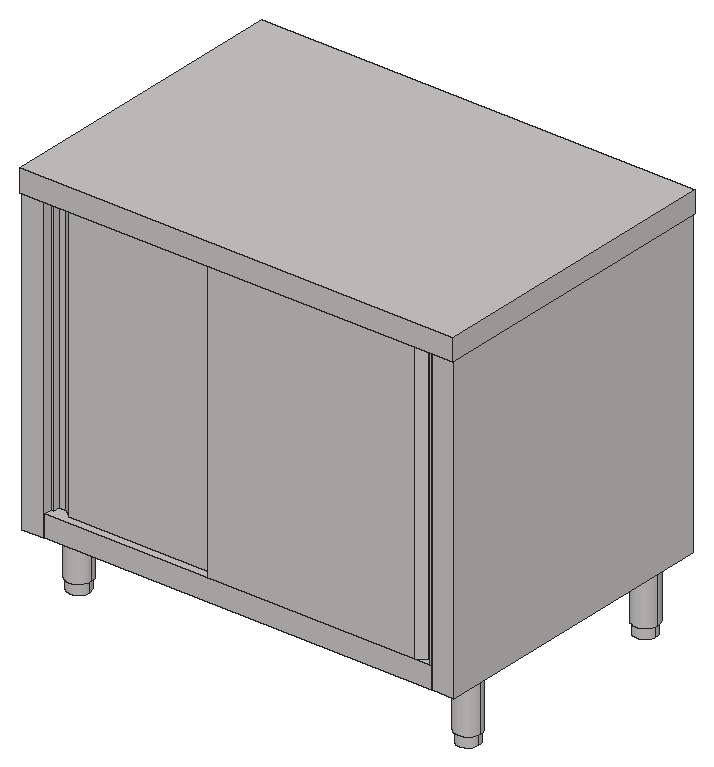
Revit family "QF_ELECTROLUXPROFESSIONAL_132856_MS1007N", category Attrezzature speciali, Revit 2020
Family settings
  Quota connettore circolare = Usa diametro
  Tipo di parte = Normale
  Basato su piano di lavoro = No
  Sempre verticale = Sì
  Taglio con vuoti quando caricato = No
  Condiviso = No
  Punto di calcolo locali = No
Parameters (values of type "Standard")
  Weight = 50.00 kg
  Watts = 0 W
  Volts = 0 V
  URL Manufacturer = "https://www.electroluxprofessional.com/"
  URL = "https://www.electroluxprofessional.com/"
  Steam Supply Size = 0 mm
  Steam Supply Minimum Pressure = 0.0 Pa
  Steam Supply Maximum Pressure = 0.0 Pa
  Steam Consumption per Hour = 0
  Refrigeration Suction Line Size = 0.0 mm
  Refrigeration Liquid Line Size = 0.0 mm
  Refrigerant Compressor Remote = yes
  Prospetto di default = 0.0 mm
  Produttore = "Electrolux Professional"
  Phase = 0
  Modello = "MS1007N"
  Length Actual = 1000.0 mm  # constant formula
  Item Number = "132856"
  Hot Water Size = 0 mm
  Height Actual = 900.0 mm  # constant formula
  HP = "0 HP"
  Gas Size = 0 mm
  Gas KW = 0
  Gas Input Pressure = 0 W
  Direct Waste Size = 0 mm
  Descrizione = "WORKTOP CUPBOARD 1000MM"
  Depth Actual = 700.0 mm  # constant formula
  Cycle = 0 Hz
  Condensate Return Size = 0 mm
  Compressed Air Volume = 0.0 L/s
  Compressed Air Size = 0 mm
  Compressed Air Pressure = 0.0 Pa
  Cold Water Size = 0 mm
  Accessory = yes
Reference planes
  plane 1 "Center (Front/Back)": y = 0
  plane 2: z = 0
  plane 3 "Center (Left/Right)": x = 0
  plane 4 "LEFT": x = -500
  plane 5 "RIGHT": x = 500
  plane 6 "BACK": y = 350
  plane 7 "FRONT": y = -350
  plane 8 "Base": z = 850
  plane 9 "TOP": z = 900
  plane 10: x = -450
  plane 11: x = 450
  plane 12: y = 270
  plane 13: y = -241.9
  plane 14 "BodyLeft": x = -499
  plane 15 "BodyFront": y = -344.5
  plane 16 "BodyRight": x = 499
  plane 17 "BodyBack": y = 344.5
  plane 18 "FEET": z = 150
  plane 19: x = 70
  plane 20: x = -70
Forms (mm)
  Extrusion 1, solid, material "QF_Finishes_Stainless Steel"
    sketch origin (0, 0, 0) x (0, 1, 0) y (0, 0, 1)
      loop
        line (-350, 850) -> (350, 850) -> (350, 900) -> (-350, 900) -> (-350, 850)
    from 500 to -500
  Extrusion 2, solid, material "QF_Finishes_Stainless Steel"
    sketch origin (0, 0, 150) x (-1, 0, 0) y (0, -1, 0)
      loop
        line (499, -344.5) -> (499, 344.5) -> (449, 344.5) -> (449, -344.5) -> (499, -344.5)
      loop
        line (-449, -344.5) -> (-449, 344.5) -> (-499, 344.5) -> (-499, -344.5) -> (-449, -344.5)
    from 0 to 700
  Extrusion 3, solid, material "QF_Finishes_Stainless Steel"
    sketch origin (0, 0, 150) x (-1, 0, 0) y (0, -1, 0)
      loop
        line (446.685, -344.5) -> (446.685, 344.5) -> (-447.6, 344.5) -> (-447.6, -344.5) -> (446.685, -344.5)
    from 0 to 50
  Extrusion 4, solid, material "QF_Finishes_Stainless Steel"
    sketch origin (0, 0, 150) x (-1, 0, 0) y (0, -1, 0)
      loop
        line (446.685, -344.5) -> (446.685, -294.5) -> (-447.6, -294.5) -> (-447.6, -344.5) -> (446.685, -344.5)
    from 50 to 700
  Extrusion 5, solid, material "QF_Finishes_Stainless Steel"
    sketch origin (0, 0, 150) x (-1, 0, 0) y (0, -1, 0)
      loop
        line (-447.6, 344.5) -> (-447.6, 324.5) -> (70, 324.5) -> (70, 344.5) -> (-407.6, 344.5) -> (-427.6, 329.5) -> (-442.6, 329.5) -> (-442.6, 344.5) -> (-447.6, 344.5)
    from 50 to 700
  Extrusion 6, solid, material "QF_Finishes_Stainless Steel"
    sketch origin (0, 20, 150) x (1, 0, 0) y (0, 1, 0)
      loop
        line (-447.6, -344.5) -> (-442.6, -344.5) -> (-442.6, -329.5) -> (-427.6, -329.5) -> (-407.6, -344.5) -> (70, -344.5) -> (70, -324.5) -> (-447.6, -324.5) -> (-447.6, -344.5)
    from 50 to 700
Lines and regions (mm)
  symbolic lines
    curve 1: line (500, 350, 900) -> (-500, 350, 900)
    curve 2: line (-500, 350, 900) -> (-500, -350, 900)
    curve 3: line (-500, -350, 900) -> (500, -350, 900)
    curve 4: line (500, -350, 900) -> (500, 350, 900)
  symbolic lines, style "SpecialityEquipmentHiddenLines"
    curve 5: line (-499, 344.5, 150) -> (499, 344.5, 150)
    curve 6: line (-499, -344.5, 150) -> (-499, 344.5, 150)
    curve 7: line (499, -344.5, 150) -> (-499, -344.5, 150)
    curve 8: line (499, 344.5, 150) -> (499, -344.5, 150)
    curve 9: line (-447.6, -304.5, 150) -> (70, -304.5, 150)
    curve 10: line (70, -304.5, 150) -> (70, -324.5, 150)
    curve 11: line (-447.6, -324.5, 150) -> (447.6, -324.5, 150)
    curve 12: line (447.6, -324.5, 150) -> (447.6, -344.5, 150)
    curve 13: line (-70, -324.5, 150) -> (-70, -344.5, 150)
    curve 14: line (-447.6, -304.5, 150) -> (-447.6, -324.5, 150)
Dimensions and locks
  plane 4 "LEFT" to plane 5 "RIGHT" = 1000.0 mm
  equal spacing: plane 4 "LEFT", plane 3 "Center (Left/Right)", plane 5 "RIGHT"
  locked: plane 8 "Base" to level at 850
  plane 9 "TOP" to level = 900.0 mm
  plane 6 "BACK" to plane 7 "FRONT" = 700.0 mm
  equal spacing: plane 6 "BACK", plane 1 "Center (Front/Back)", plane 7 "FRONT"
  locked: plane 4 "LEFT" to plane 14 "BodyLeft" at 1
  locked: plane 16 "BodyRight" to plane 5 "RIGHT" at 1
  locked: plane 15 "BodyFront" to plane 7 "FRONT" at 5.5
  locked: plane 6 "BACK" to plane 17 "BodyBack" at 5.5
  locked: plane 14 "BodyLeft" to plane 10 at 49
  locked: plane 11 to plane 16 "BodyRight" at 49
  locked: plane 13 to plane 15 "BodyFront" at 102.6
  locked: plane 17 "BodyBack" to plane 12 at 74.5
  plane 10 to plane 11 = 900.0 mm
  plane 12 to plane 13 = 511.9 mm
  locked: plane 14 "BodyLeft" to Extrusion 2 sketch curve at 50
  locked: Extrusion 2 sketch curve to Extrusion 2 sketch curve at 50
  Extrusion 3 to Extrusion 4 sketch curve = 50.0 mm
  locked: plane 3 "Center (Left/Right)" to plane 19 at 70
  locked: plane 20 to plane 3 "Center (Left/Right)" at 70
  locked: plane 18 "FEET" to level at 150
  aligned and locked: level to plane 2
  aligned and locked: plane 10 to nested 1
  aligned and locked: nested 1 to plane 13
  aligned and locked: plane 11 to nested 2
  aligned and locked: nested 2 to plane 13
  aligned and locked: plane 11 to nested 4
  aligned and locked: nested 4 to plane 12
  aligned and locked: plane 10 to nested 3
  aligned and locked: nested 3 to plane 12
  aligned and locked: Extrusion 1 to plane 4 "LEFT"
  aligned and locked: plane 5 "RIGHT" to Extrusion 1
  aligned and locked: curve 2 to plane 4 "LEFT"
  aligned and locked: plane 17 "BodyBack" to Extrusion 2 sketch curve
  aligned and locked: Extrusion 2 sketch curve to plane 15 "BodyFront"
  aligned and locked: Extrusion 2 sketch curve to plane 14 "BodyLeft"
  aligned and locked: plane 16 "BodyRight" to Extrusion 2 sketch curve
  aligned and locked: Extrusion 2 sketch curve to plane 17 "BodyBack"
  aligned and locked: plane 15 "BodyFront" to Extrusion 2 sketch curve
  aligned and locked: Extrusion 3 sketch curve to plane 17 "BodyBack"
  aligned and locked: plane 15 "BodyFront" to Extrusion 3 sketch curve
  aligned and locked: plane 8 "Base" to Extrusion 2
  aligned and locked: Extrusion 4 sketch curve to Extrusion 3
  aligned and locked: plane 8 "Base" to Extrusion 5
  aligned and locked: Extrusion 5 to Extrusion 3
  aligned and locked: Extrusion 6 sketch curve to plane 19
  aligned and locked: Extrusion 5 sketch curve to plane 20
  aligned and locked: Extrusion 1 to plane 8 "Base"
  aligned and locked: plane 9 "TOP" to Extrusion 1
  aligned and locked: curve 5 to plane 17 "BodyBack"
  aligned and locked: plane 14 "BodyLeft" to curve 6
  aligned and locked: plane 15 "BodyFront" to curve 7
  aligned and locked: plane 16 "BodyRight" to curve 8
Automatic sketch dimensions
  curve 3 to plane 7 "FRONT" = 0.0 mm
  curve 4 to plane 6 "BACK" = 0.0 mm
  Extrusion 1 sketch curve to plane 7 "FRONT" = 0.0 mm
  plane 9 "TOP" to Extrusion 1 sketch curve = 0.0 mm
  Extrusion 1 sketch curve to plane 6 "BACK" = 0.0 mm
  Extrusion 1 sketch curve to plane 8 "Base" = 0.0 mm
  Extrusion 5 sketch curve to plane 15 "BodyFront" = 0.0 mm  (x2)
  Extrusion 5 sketch curve to plane 11 = 2.4 mm
  Extrusion 5 sketch curve to Extrusion 5 sketch curve = 5.0 mm
  Extrusion 5 sketch curve to Extrusion 5 sketch curve = 15.0 mm
  Extrusion 5 sketch curve to Extrusion 5 sketch curve = 20.0 mm
  plane 15 "BodyFront" to Extrusion 5 sketch curve = 15.0 mm
  plane 15 "BodyFront" to Extrusion 5 sketch curve = 20.0 mm
  Extrusion 6 sketch curve to plane 15 "BodyFront" = 20.0 mm  (x2)
  Extrusion 6 sketch curve to plane 10 = 2.4 mm
  Extrusion 6 sketch curve to Extrusion 6 sketch curve = 5.0 mm
  Extrusion 6 sketch curve to Extrusion 6 sketch curve = 15.0 mm
  Extrusion 6 sketch curve to Extrusion 6 sketch curve = 20.0 mm  (x2)
  Extrusion 6 sketch curve to plane 15 "BodyFront" = 35.0 mm
  Extrusion 3 sketch curve to plane 11 = 2.4 mm
  plane 10 to Extrusion 3 sketch curve = 3.315 mm
  Extrusion 4 sketch curve to plane 11 = 2.4 mm
  plane 10 to Extrusion 4 sketch curve = 3.315 mm
  curve 10 to plane 19 = 0.0 mm
  curve 13 to plane 20 = 0.0 mm
  curve 11 to plane 11 = 2.4 mm
  plane 15 "BodyFront" to curve 9 = 40.0 mm
  curve 12 to curve 12 = 20.0 mm
  plane 10 to curve 14 = 2.4 mm
  curve 4 to plane 5 "RIGHT" = 0.0 mm
Nested families
  nested 1: "FEET_D58-150" at (-450, -241.9, 0), type "FEET_D58-150"
  nested 2: "FEET_D58-150" at (450, -241.9, 0), type "FEET_D58-150"
  nested 3: "FEET_D58-150" at (-450, 270, 0), type "FEET_D58-150"
  nested 4: "FEET_D58-150" at (450, 270, 0), type "FEET_D58-150"
Definition of nested family "FEET_D58-150"
  Parameters
    Default Elevation = 0.0 mm
    FEET = 150.0 mm
  Reference planes
    plane 1 "Center (Front/Back)": y = 0
    plane 2: z = 0
    plane 3 "Center (Left/Right)": x = 0
    plane 4: z = 150
  Forms (mm)
    Extrusion 1, solid
      sketch origin (0, 0, 0) x (1, 0, 0) y (0, 1, 0)
        loop
          circle (0, 0) r 25
      from 0 to 25
    Extrusion 2, solid
      sketch origin (0, 0, 0) x (1, 0, 0) y (0, 1, 0)
        loop
          circle (0.061, 0) r 29
      from 25 to 150 <- "FEET"
  Lines and regions (mm)
    symbolic lines
      curve 1: line (0, -1.503, 0) -> (0, 1.508, 0)
      curve 2: line (1.561, 0, 0) -> (-1.439, 0, 0)
  Dimensions and locks
    "FEET": plane 4 to plane 2
    aligned and locked: level to plane 2
  Automatic sketch dimensions
    plane 1 "Center (Front/Back)" to Extrusion 1 sketch curve = 0.0 mm
    Extrusion 1 sketch curve to plane 3 "Center (Left/Right)" = 0.0 mm
    plane 1 "Center (Front/Back)" to curve 2 = 0.0 mm
    curve 1 to plane 3 "Center (Left/Right)" = 0.0 mm
    curve 2 to plane 3 "Center (Left/Right)" = 1.439 mm
    plane 3 "Center (Left/Right)" to curve 2 = 1.561 mm
    plane 1 "Center (Front/Back)" to curve 1 = 1.503 mm
    curve 1 to plane 1 "Center (Front/Back)" = 1.508 mm
    plane 1 "Center (Front/Back)" to Extrusion 2 sketch curve = 0.0 mm
    plane 3 "Center (Left/Right)" to Extrusion 2 sketch curve = 0.061 mm
    radius of Extrusion 1 sketch curve = 25.0 mm
    radius of Extrusion 2 sketch curve = 29.0 mm
